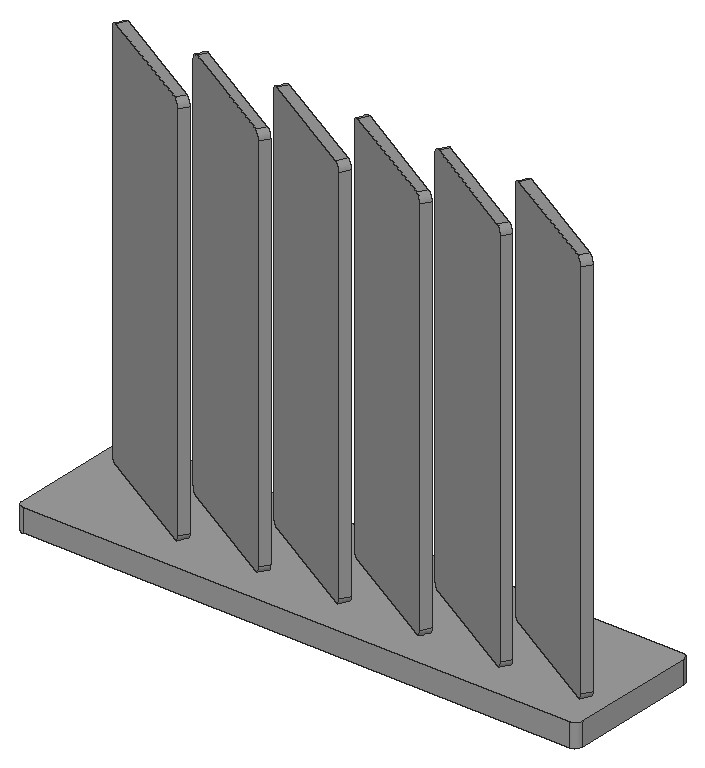
Revit family "GE6 -6 Fins", category Furniture, Revit 2019
Family settings
  OmniClass Number = 23.40.20.00
  OmniClass Title = General Furniture and Specialties
  Work Plane-Based = No
  Always vertical = Yes
  Cut with Voids When Loaded = No
  Shared = No
  Room Calculation Point = No
Parameters (values of type "1600 x 400 x 1200 High")
  Width = 1600 mm
  URL = "www.gof.co.uk"
  Fins = GABRIEL Byron_15101
  Range = "SCREENS"
  Product Data Specification = ""
  Product Code = "GE21B1"
  Product Brochure = ""
  Model = "GE6"
  Manufacturer = "Gresham Office Furniture"  # constant formula
  Fin Height = 1200 mm
  Depth = 400 mm
  Base = Gresham - WHITE PLASTIC
Types (4, lengths in mm): name | Product Code | Fin Height
  (no name) | "GE21B1" | 1200
  1600 x 400 x 1200 High | "GE21B1" | 1200
  1600 x 400 x 1600 High | "GE21B2" | 1600
  1600 x 400 x 1800 High | "GE21B3" | 1800
Reference planes
  plane 1 "Center (Front/Back)": y = 0
  plane 2: z = 0
  plane 3 "Center (Left/Right)": x = 0
  plane 4 "Base Gap": z = 5
  plane 5 "1200": z = 1200
  plane 6: y = -200
  plane 7: x = 800
  plane 8: x = -800
  plane 9: y = 200
  plane 10 "Base": z = 70
  plane 11: z = 1600
  plane 12: z = 1800
Forms (mm)
  Extrusion 1, solid, material "Gresham - WHITE PLASTIC" <- "Base"
    sketch origin (0, 0, 5) x (0, -1, 0) y (1, 0, 0)
      loop
        arc (-200, -780) -> (-194.142, -794.142) -> (-180, -800) r 20
        line (-180, -800) -> (180, -800)
        arc (180, -800) -> (194.142, -794.142) -> (200, -780) r 20
        line (200, -780) -> (200, 780)
        arc (200, 780) -> (194.142, 794.142) -> (180, 800) r 20
        line (180, 800) -> (-180, 800)
        arc (-180, 800) -> (-194.142, 794.142) -> (-200, 780) r 20
        line (-200, 780) -> (-200, -780)
    from 0 to 65
Dimensions and locks
  equal spacing: plane 8, plane 3 "Center (Left/Right)", plane 7
  "Width": plane 8 to plane 7
  equal spacing: plane 9, plane 1 "Center (Front/Back)", plane 6
  "Depth": plane 9 to plane 6
  locked: plane 4 "Base Gap" to level at 5
  locked: plane 10 "Base" to plane 4 "Base Gap" at 65
  locked: plane 5 "1200" to level at 1200
  locked: plane 11 to level at 1600
  locked: plane 12 to level at 1800
  "Fin Height": nested 1 to level
  nested 5 to plane 7 = 45 mm
  plane 8 to nested 6 = 44.59 mm
  aligned and locked: level to plane 2
Automatic sketch dimensions
  Extrusion 1 sketch curve to plane 9 = 0 mm
  Extrusion 1 sketch curve to plane 8 = 0 mm
  Extrusion 1 sketch curve to plane 7 = 0 mm
  Extrusion 1 sketch curve to plane 6 = 0 mm
  Extrusion 1 sketch curve to plane 9 = 20 mm  (x2)
  plane 6 to Extrusion 1 sketch curve = 20 mm  (x2)
Nested families
  nested 1: "Fin" at (344.795, 0, 0) x (0.5, 0.866, 0) z (0, 0, 1), type "Fin"
  nested 2: "Fin" at (114.795, 0, 0) x (0.5, 0.866, 0) z (0, 0, 1), type "Fin"
  nested 3: "Fin" at (-115.205, 0, 0) x (0.5, 0.866, 0) z (0, 0, 1), type "Fin"
  nested 4: "Fin" at (-345.205, 0, 0) x (0.5, 0.866, 0) z (0, 0, 1), type "Fin"
  nested 5: "Fin" at (574.795, 0, 0) x (0.5, 0.866, 0) z (0, 0, 1), type "Fin"
  nested 6: "Fin" at (-575.205, 0, 0) x (0.5, 0.866, 0) z (0, 0, 1), type "Fin"
Definition of nested family "Fin"
  Parameters (values of type "Fin")
    Width = 1200 mm
    URL = "www.gof.co.uk"
    Fins = none
    Range = "SCREENS"
    Product Data Specification = ""
    Product Code = ""
    Product Brochure = ""
    Model = "GE6"
    Manufacturer = "Gresham Office Furniture"  # constant formula
    Fin Height = 1200 mm
    Depth = 400 mm
  Reference planes
    plane 1 "Center (Front/Back)": y = 0
    plane 2: z = 0
    plane 3 "Center (Left/Right)": x = 0
    plane 4 "Base Gap": z = 5
    plane 5 "1200": z = 1200
    plane 6: y = -200
    plane 7: x = 600
    plane 8: x = -600
    plane 9: y = 200
    plane 10 "Base": z = 70
    plane 11: z = 1600
    plane 12: z = 1800
  Forms (mm)
    Extrusion 1, solid, material <- "Fins"
      sketch origin (-14, 0, 0) x (0, 1, 0) y (0, 0, 1)
        loop
          arc (180, 70) -> (194.142, 75.858) -> (200, 90) r 20
          line (200, 90) -> (200, 1180)
          arc (200, 1180) -> (194.142, 1194.142) -> (180, 1200) r 20
          line (180, 1200) -> (-180, 1200)
          arc (-180, 1200) -> (-194.142, 1194.142) -> (-200, 1180) r 20
          line (-200, 1180) -> (-200, 90)
          arc (-200, 90) -> (-194.142, 75.858) -> (-180, 70) r 20
          line (-180, 70) -> (180, 70)
      from 0 to 28
  Dimensions and locks
    equal spacing: plane 8, plane 3 "Center (Left/Right)", plane 7
    "Width": plane 8 to plane 7
    equal spacing: plane 9, plane 1 "Center (Front/Back)", plane 6
    "Depth": plane 9 to plane 6
    locked: plane 4 "Base Gap" to level at 5
    locked: plane 10 "Base" to plane 4 "Base Gap" at 65
    locked: plane 5 "1200" to level at 1200
    locked: plane 11 to level at 1600
    locked: plane 12 to level at 1800
    "Fin Height": Extrusion 1 to level
    aligned and locked: level to plane 2
  Automatic sketch dimensions
    Extrusion 1 sketch curve to plane 6 = 0 mm
    Extrusion 1 sketch curve to plane 10 "Base" = 0 mm
    Extrusion 1 sketch curve to plane 5 "1200" = 0 mm
    Extrusion 1 sketch curve to plane 9 = 0 mm
    plane 6 to Extrusion 1 sketch curve = 20 mm
    Extrusion 1 sketch curve to Extrusion 1 sketch curve = 20 mm  (x2)
    Extrusion 1 sketch curve to plane 9 = 20 mm
